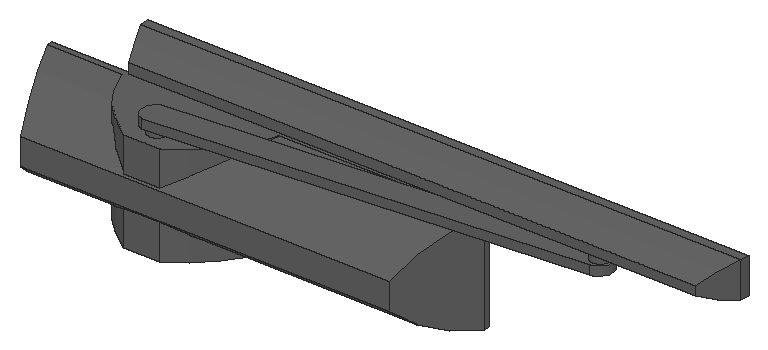
Revit family "DORMA TS 90 IMPULS", category Specialty Equipment, Revit 2016
Family settings
  Part Type = Normal
  Round Connector Dimension = Use Diameter
  OmniClass Number = 23.30.10.11
  OmniClass Title = Door Components
  Work Plane-Based = No
  Always vertical = Yes
  Cut with Voids When Loaded = Yes
  Shared = Yes
  Room Calculation Point = No
Parameters (values of type "TS 90")
  URL = "http://www.dorma-uk.co.uk/prod/door_controls/1_door_closers/1_cam_action_closers_with_slide_channel/ts93/(code)/product_overview/(parent)/21785"
  Model = "TS 90"
  Manufacturer = "DORMA"
  Description = "DORMA TS 90 impulse Door closer"
  BTS 80 width = 105.137 mm
  BTS 80 length = 358.068 mm
  BTS 75 width = 105.137 mm
  BTS 75 Length = 308.068 mm
Types (5, lengths in mm): name | Model | Description
  BTS 75 | "TS 93 EN 2-5" | "DORMA TS 93 Door closer"
  TS 93 | "TS 91 EN 3" | "DORMA TS 91 Door closer"
  TS 91 | "TS 92 EN 2-4" | "DORMA TS 92 Door closer"
  TS 92 | "TS 90" | "DORMA TS 90 impulse Door closer"
  TS 90 | "TS 90" | "DORMA TS 90 impulse Door closer"
Reference planes
  plane 1 "Center (Front/Back)": y = 0
  plane 2: z = 0
  plane 3 "Center (Left/Right)": x = 0
Forms (mm)
  Revolve 1, solid, not visible
    sketch origin (-7.512, -64.815, 51.25) x (1, 0, 0) y (0, 1, 0)
      loop
        arc (7.688, 110.462) -> (7.273, 110.047) -> (7.688, 109.633) r 0.415
        line (7.688, 109.633) -> (7.688, 110.462)
      axis (7.688, 110.462) -> (7.688, 109.462)
    angle from 0 to 360
  Sweep 2, solid, material "Door Closer"
    path origin (-22.247, -47, 0) x (1, 0, 0) y (0, 1, 0)
      loop
        line (22.247, 53) -> (268.247, 53)
    profile origin (123, 6, 0) x (0, 1, 0) y (0, 0, 1)
      loop
        line (-6, 3) -> (-6, 60) -> (-9.136, 60)
        arc (-9.136, 60) -> (-32.22, 52.934) -> (-52, 39.094) r 77.326
        line (-52, 39.094) -> (-52, 23.906)
        arc (-52, 23.906) -> (-32.22, 10.066) -> (-9.136, 3) r 77.326
        line (-9.136, 3) -> (-6, 3)
  Extrusion 3, solid, material "Door Closer"
    sketch origin (-22.247, -51.75, 0) x (1, 0, 0) y (0, 1, 0)
      loop
        arc (118.747, 7) -> (139.233, 24.077) -> (152.493, 47.218) r 75.409
        line (152.493, 47.218) -> (152.493, 51.185) -> (65, 51.185) -> (65, 47.218)
        arc (65, 47.218) -> (78.26, 24.077) -> (98.747, 7) r 75.409
        line (98.747, 7) -> (118.747, 7)
    from 3 to 60
  Extrusion 4, void
    sketch origin (-22.247, -53, 0) x (1, 0, 0) y (0, 1, 0)
      loop
        line (22.247, 49.864) -> (18.712, 49.864) -> (18.712, 2) -> (41.331, 2) -> (41.331, 7) -> (22.247, 49.864)
      loop
        line (268.247, 49.864) -> (249.162, 7) -> (249.162, 2) -> (271.781, 2) -> (271.781, 49.864) -> (268.247, 49.864)
    from 0 to 60
  Sweep 5, solid, material "Door Closer"
    path origin (-59.5, -53, -10) x (1, 0, 0) y (0, 1, 0)
      loop
        line (113.5, 53) -> (451.5, 53)
    profile origin (223, 0, -10) x (0, 1, 0) y (0, 0, 1)
      loop
        line (0, 100) -> (-5, 100)
        arc (-5, 100) -> (-15.269, 97.101) -> (-25, 92.721) r 72.26
        line (-25, 92.721) -> (-25, 87.279)
        arc (-25, 87.279) -> (-15.269, 82.899) -> (-5, 80) r 72.26
        line (-5, 80) -> (0, 80) -> (0, 100)
  Extrusion 6, void
    sketch origin (-59.5, -53, -7) x (1, 0, 0) y (0, 1, 0)
      loop
        line (451.5, 48) -> (442.174, 28) -> (442.174, 23) -> (455.924, 23) -> (455.924, 48) -> (451.5, 48)
      loop
        line (113.5, 48) -> (109.076, 48) -> (109.076, 23) -> (122.826, 23) -> (122.826, 28) -> (113.5, 48)
    from 72.902 to 99.827
  Extrusion 7, solid, material "Door Closer"
    sketch origin (-22.247, -53, 0) x (1, 0, 0) y (0, 1, 0)
      loop
        circle (108.747, 18.953) r 5
    from 60 to 64.425
  Extrusion 8, solid, material "Door Closer"
    sketch origin (-20.372, -53, 0) x (1, 0, 0) y (0, 1, 0)
      loop
        arc (103.298, 25.824) -> (98.97, 17.914) -> (104.614, 10.882) r 8.121
        line (104.614, 10.882) -> (340.125, 31.622)
        arc (340.125, 31.622) -> (346.911, 39.748) -> (338.809, 46.564) r 7.5
        line (338.809, 46.564) -> (103.298, 25.824)
    from 64.425 to 69.425
  Extrusion 9, solid, material "Door Closer"
    sketch origin (428.383, -32.843, 0) x (-1, 0, 0) y (0, -1, 0)
      loop
        circle (108.747, -18.953) r 5
    from 69.425 to 80
Cuts and joins
  Extrusion 4 cuts Sweep 2
  Extrusion 4 cuts Extrusion 3
  joined: Sweep 2, Extrusion 3
  Extrusion 6 cuts Sweep 5
  joined: Sweep 5, Extrusion 9
Dimensions and locks
  aligned and locked: plane 2 to level
